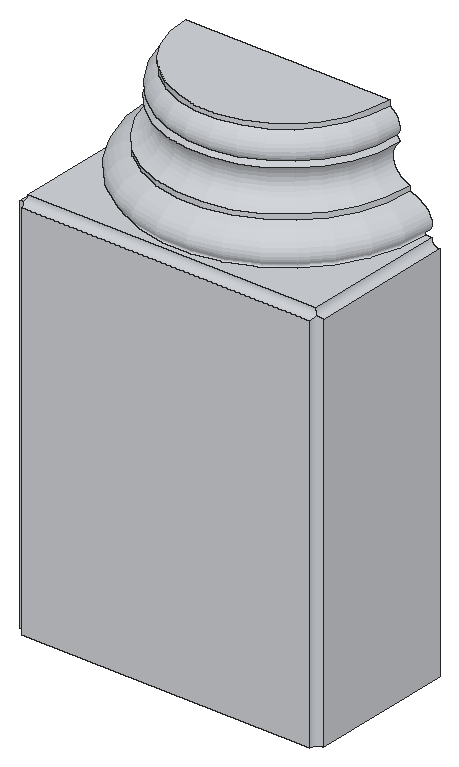
Revit family "OracDecor_K1131", category Обобщенные модели, Revit 2019
Family settings
  Может служить основой для арматурных стержней = Нет
  Размер круглого соединителя = Использовать диаметр
  Тип детали = Нормальный
  На основе рабочей плоскости = Нет
  Всегда вертикально = Да
  При загрузке вырезать с полостями = Нет
  Общий = Нет
  Точка расчета площади = Нет
Parameters
  Изготовитель = "Family from POCHERTEAM"  # constant formula
  URL = "t.me/pocherteam"
Reference planes
  plane 1 "По центру (Вперед/Назад)": y = 0
  plane 2: z = 0
  plane 3 "По центру (Влево/Вправо)": x = 0
Forms (mm)
  Extrusion 1, solid
    sketch origin (0, 0, 0) x (1, 0, 0) y (0, 1, 0)
      loop
        line (0, 0) -> (0, -175) -> (350, -175) -> (350, 0) -> (0, 0)
    from 0 to 450
  Revolve 2, solid
    sketch origin (0, 0, 0) x (1, 0, 0) y (0, 0, 1)
      loop
        line (175, 450) -> (334.5, 450)
        spline (334.5, 450) -> (333.499, 451.265) -> (333.893, 452.984) -> (335.252, 454.268) -> (337.138, 455.491) -> (339.111, 457.147) -> (340.732, 459.723) -> (341.545, 463.403) -> (341.064, 467.941) -> (338.804, 473.059) -> (334.281, 478.477) -> (327.008, 483.918) -> (316.5, 489.104)
        line (316.5, 489.104) -> (316.5, 495)
        spline (316.5, 495) -> (311.673, 497.065) -> (307.439, 499.512) -> (303.83, 502.3) -> (300.88, 505.387) -> (298.623, 508.734) -> (297.091, 512.3) -> (296.318, 516.043) -> (296.337, 519.923) -> (297.181, 523.9) -> (298.884, 527.931) -> (301.479, 531.978) -> (304.998, 535.998)
        line (304.998, 535.998) -> (301.096, 541.368)
        spline (301.096, 541.368) -> (302.76, 543.384) -> (303.907, 545.552) -> (304.563, 547.843) -> (304.754, 550.228) -> (304.503, 552.679) -> (303.836, 555.164) -> (302.778, 557.657) -> (301.355, 560.126) -> (299.59, 562.543) -> (297.509, 564.88) -> (295.138, 567.106) -> (292.5, 569.192)
        line (292.5, 569.192) -> (292.5, 575) -> (175, 575) -> (175, 450)
      axis (175, 450) -> (175, 575)
    angle from 180 to 360
  Extrusion 3, void
    sketch origin (0, 0, 0) x (1, 0, 0) y (0, 1, 0)
      loop
        line (0, -175) -> (9, -175)
        arc (9, -175) -> (6.364, -168.636) -> (0, -166) r 9
        line (0, -166) -> (0, -175)
      loop
        line (350, -175) -> (350, -166)
        arc (350, -166) -> (343.636, -168.636) -> (341, -175) r 9
        line (341, -175) -> (350, -175)
    from 0 to 450
  Extrusion 4, void
    sketch origin (0, 0, 0) x (1, 0, 0) y (0, 0, 1)
      loop
        line (0, 450) -> (0, 441)
        arc (0, 441) -> (6.364, 443.636) -> (9, 450) r 9
        line (9, 450) -> (0, 450)
      loop
        line (350, 450) -> (341, 450)
        arc (341, 450) -> (343.636, 443.636) -> (350, 441) r 9
        line (350, 441) -> (350, 450)
    from 0 to 175
  Extrusion 5, void
    sketch origin (0, 0, 0) x (0, 1, 0) y (0, 0, 1)
      loop
        line (-175, 450) -> (-175, 441.003)
        arc (-175, 441.003) -> (-168.638, 443.638) -> (-166.003, 450) r 8.997
        line (-166.003, 450) -> (-175, 450)
    from 0 to 350
Cuts and joins
  Extrusion 3, Extrusion 4, Extrusion 5 cuts Extrusion 1
  joined: Extrusion 1, Revolve 2
Dimensions and locks
  cut or joined group of Extrusion 1, Revolve 2, Extrusion 3, Extrusion 4, Extrusion 5 to plane 1 "По центру (Вперед/Назад)" = 175 mm
  cut or joined group of Extrusion 1, Revolve 2, Extrusion 3, Extrusion 4, Extrusion 5 to level = 575 mm
  cut or joined group of Extrusion 1, Revolve 2, Extrusion 3, Extrusion 4, Extrusion 5 to plane 3 "По центру (Влево/Вправо)" = 350 mm
  cut or joined group of Extrusion 1, Revolve 2, Extrusion 3, Extrusion 4, Extrusion 5 to cut or joined group of Extrusion 1, Revolve 2, Extrusion 3, Extrusion 4, Extrusion 5 = 235 mm
  aligned and locked: level to plane 2
